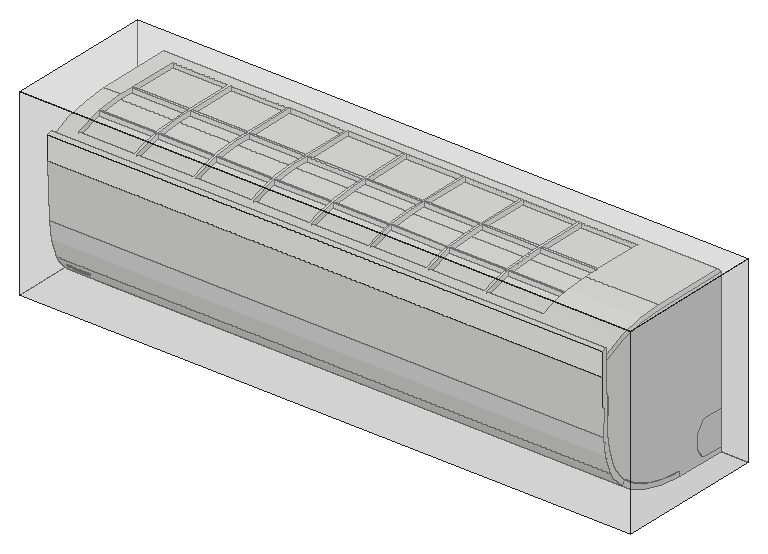
Revit family "outputfile", category 機械設備, Revit 2024
Family settings
  丸型コネクタ寸法 = 半径を使用
  パーツ タイプ = 標準
  OmniClass 番号 = 23.75.10.24.21.27.27
  OmniClass タイトル = Split System Air Conditioning Units
  作業面ベース = いいえ
  常に垂直 = はい
  ロード時にボイドで切り取り = いいえ
  注釈の向きを維持 = いいえ
  共有 = いいえ
  部屋計算ポイント = いいえ
Parameters (values of type "FTKF60TVMA")
  Description = ""
  書き出し IFC クラス(タイプ) = "IfcUnitaryEquipmentType"
  定義済み IFC タイプ(タイプ) = "AIRCONDITIONINGUNIT"
  Cost = 0
  Type Comments = ""
  Keynote = ""
  Type Image = (empty or 0)
  Assembly Code = ""
  w_wall hole = if(Width = 770.0 mm, 48.0 mm, 60.0 mm)  # 60.0 mm
  製造元 = "Daikin"
  モデル = "FTKF60TVMA"
  switch_frequency = yes
  r_Liquid Pipe Size = Liquid Pipe Size / 2  # 3.2 mm
  r_Gas Pipe Size = Gas Pipe Size / 2  # 6.35 mm
  r_Drain Pipe Size = Drain Pipe Size / 2  # 8.0 mm
  lw_powersupply [instance] = if(Width = 770.0 mm, if(or(Rear Right Connection_refrigerant, Bottom Right Connection_refrigerant), 25.0 mm, if(or(Rear Left Connection_refrigerant, Bottom Left Connection_refrigerant), 745.0 mm, 400.0 mm)), if(Width = 990.0 mm, if(or(Rear Right Connection_refrigerant, Bottom Right Connection_refrigerant), 40.0 mm, if(or(Rear Left Connection_refrigerant, Bottom Left Connection_refrigerant), 920.0 mm, 400.0 mm)), if(or(Rear Right Connection_refrigerant, Bottom Right Connection_refrigerant), 40.0 mm, if(or(Rear Left Connection_refrigerant, Bottom Left Connection_refrigerant), 920.0 mm, 400.0 mm))))  # 400.0 mm
  lw_liquidpipe [instance] = if(Width = 770.0 mm, if(or(Rear Right Connection_refrigerant, Bottom Right Connection_refrigerant), 0.0 mm, if(or(Rear Left Connection_refrigerant, Bottom Left Connection_refrigerant), 664.0 mm, 385.0 mm)), if(Width = 990.0 mm, if(or(Rear Right Connection_refrigerant, Bottom Right Connection_refrigerant), 0.0 mm, if(or(Rear Left Connection_refrigerant, Bottom Left Connection_refrigerant), 664.0 mm + (990.0 mm - 770.0 mm), 475.0 mm)), if(or(Rear Right Connection_refrigerant, Bottom Right Connection_refrigerant), 0.0 mm, if(or(Rear Left Connection_refrigerant, Bottom Left Connection_refrigerant), 664.0 mm + (990.0 mm - 770.0 mm), 475.0 mm))))  # 475.0 mm
  lw_gaspipe [instance] = if(Width = 770.0 mm, if(or(Rear Right Connection_refrigerant, Bottom Right Connection_refrigerant), 0.0 mm, if(or(Rear Left Connection_refrigerant, Bottom Left Connection_refrigerant), 675.0 mm, if(Gas Pipe Size = 12.7 mm, 345.0 mm, 335.0 mm))), if(Width = 990.0 mm, if(or(Rear Right Connection_refrigerant, Bottom Right Connection_refrigerant), 10.0 mm, if(or(Rear Left Connection_refrigerant, Bottom Left Connection_refrigerant), 890.0 mm, if(Gas Pipe Size = 15.9 mm, 400.0 mm, 400.0 mm))), if(or(Rear Right Connection_refrigerant, Bottom Right Connection_refrigerant), 10.0 mm, if(or(Rear Left Connection_refrigerant, Bottom Left Connection_refrigerant), 890.0 mm, if(Gas Pipe Size = 15.9 mm, 400.0 mm, 400.0 mm)))))  # 400.0 mm
  lw_drainpipe [instance] = if(Width = 770.0 mm, if(or(Rear Right Connection_refrigerant, Bottom Right Connection_refrigerant), 0.0 mm, if(or(Rear Left Connection_refrigerant, Bottom Left Connection_refrigerant), 770.0 mm - 48.0 mm - 48.0 mm, 440.0 mm)), if(Width = 990.0 mm, if(or(Rear Right Connection_refrigerant, Bottom Right Connection_refrigerant), 0.0 mm, if(or(Rear Left Connection_refrigerant, Bottom Left Connection_refrigerant), 675.0 mm + (990.0 mm - 770.0 mm), 435.0 mm)), if(or(Rear Right Connection_refrigerant, Bottom Right Connection_refrigerant), 0.0 mm, if(or(Rear Left Connection_refrigerant, Bottom Left Connection_refrigerant), 675.0 mm + (990.0 mm - 770.0 mm), 435.0 mm))))  # 435.0 mm
  l_powersupply_length [instance] = if(Width = 770.0 mm, if(Right Connection_refrigerant, 400.0 mm, if(Left Connection_refrigerant, 770.0 mm - 400.0 mm, if(or(Rear Left Connection_refrigerant, Rear Right Connection_refrigerant), 15.0 mm, 50.0 mm))), if(Width = 990.0 mm, if(Right Connection_refrigerant, 400.0 mm, if(Left Connection_refrigerant, 990.0 mm - 400.0 mm, if(or(Rear Left Connection_refrigerant, Rear Right Connection_refrigerant), 15.0 mm, 50.0 mm))), if(Right Connection_refrigerant, 400.0 mm, if(Left Connection_refrigerant, 990.0 mm - 400.0 mm, if(or(Rear Left Connection_refrigerant, Rear Right Connection_refrigerant), 15.0 mm, 50.0 mm)))))  # 400.0 mm
  l_liquidpipe_length [instance] = if(Width = 770.0 mm, if(Right Connection_refrigerant, 433.0 mm, if(Left Connection_refrigerant, 337.0 mm, if(or(Rear Left Connection_refrigerant, Rear Right Connection_refrigerant), 30.0 mm, 40.0 mm))), if(Width = 990.0 mm, if(Right Connection_refrigerant, 535.0 mm, if(Left Connection_refrigerant, 455.0 mm, if(or(Rear Left Connection_refrigerant, Rear Right Connection_refrigerant), 30.0 mm, 40.0 mm))), if(Right Connection_refrigerant, 535.0 mm, if(Left Connection_refrigerant, 455.0 mm, if(or(Rear Left Connection_refrigerant, Rear Right Connection_refrigerant), 30.0 mm, 40.0 mm)))))  # 535.0 mm
  l_gaspipe_length [instance] = if(Width = 770.0 mm, if(Right Connection_refrigerant, if(Gas Pipe Size = 12.7 mm, 393.0 mm, 383.0 mm), if(Left Connection_refrigerant, if(Gas Pipe Size = 12.7 mm, 770.0 mm - 393.0 mm, 770.0 mm - 383.0 mm), if(or(Rear Left Connection_refrigerant, Rear Right Connection_refrigerant), 40.0 mm, 50.0 mm))), if(Width = 990.0 mm, if(Right Connection_refrigerant, if(Gas Pipe Size = 15.9 mm, 460.0 mm, 460.0 mm), if(Left Connection_refrigerant, if(Gas Pipe Size = 15.9 mm, 990.0 mm - 460.0 mm, 990.0 mm - 460.0 mm), if(or(Rear Left Connection_refrigerant, Rear Right Connection_refrigerant), 40.0 mm, 50.0 mm))), if(Right Connection_refrigerant, if(Gas Pipe Size = 15.9 mm, 460.0 mm, 460.0 mm), if(Left Connection_refrigerant, if(Gas Pipe Size = 15.9 mm, 990.0 mm - 460.0 mm, 990.0 mm - 460.0 mm), if(or(Rear Left Connection_refrigerant, Rear Right Connection_refrigerant), 40.0 mm, 50.0 mm)))))  # 460.0 mm
  l_drainpipe_length [instance] = if(Width = 770.0 mm, if(Right Connection_refrigerant, 488.0 mm, if(Left Connection_refrigerant, 282.0 mm, if(or(Rear Left Connection_refrigerant, Rear Right Connection_refrigerant), 15.0 mm, 20.0 mm))), if(Width = 990.0 mm, if(Right Connection_refrigerant, 495.0 mm, if(Left Connection_refrigerant, 495.0 mm, if(or(Rear Left Connection_refrigerant, Rear Right Connection_refrigerant), 15.0 mm, 20.0 mm))), if(Right Connection_refrigerant, 495.0 mm, if(Left Connection_refrigerant, 495.0 mm, if(or(Rear Left Connection_refrigerant, Rear Right Connection_refrigerant), 15.0 mm, 20.0 mm)))))  # 495.0 mm
  h*** = 0.0 mm  # constant formula
  connector_voltage = Voltage_50Hz  # 230 V
  connector_powerinput = [Power Input (Cooling)]  # 0.000 kW
  connector_phase = Phase_50Hz  # 1
  angle_vertical [instance] = if(or(Bottom Left Connection_refrigerant, Bottom Right Connection_refrigerant), 0.00°, 90.00°)  # 90.00°
  angle_horizontal [instance] = if(Right Connection_refrigerant, 90.00°, if(Left Connection_refrigerant, -90.00°, if(or(Rear Left Connection_refrigerant, Rear Right Connection_refrigerant), 180.00°, 0.00°)))  # 90.00°
  Width = 990.0 mm
  Voltage_comment_50Hz = "220 - 240"
  Voltage_50Hz = 230 V
  Version = "ver.1.0"
  Unit Type = "Wall Mounted"
  Unit Mass Weight = 13.00 kg
  Unit Designation [instance] = ""
  Uniclass2015Version = "Products v1.30"
  Uniclass2015Title = "Split coil room air conditioning units"
  Uniclass2015Code = "Pr_70_65_03_86"
  URL = ""
  Total Cooling Capacity [instance] = 0.000 kW
  Sound Pressure Level_M speed (dBA) = 41
  Sound Pressure Level_L speed (dBA) = 35
  Sound Pressure Level_H speed (dBA) = 46
  Sound Power Level_H speed (dB) = 0
  Series = "Single Split_Fan Coil Unit"
  Sensible Cooling Capacity [instance] = 0.000 kW
  Refrigerant Type = "R32"
  Power Input (Cooling) = 0.000 kW
  Phase_50Hz = 1
  Option Accessory 3 [instance] = ""
  Option Accessory 2 [instance] = ""
  Option Accessory 1 [instance] = ""
  Nominal Cooling Capacity = 6.000 kW
  Minimum Circuit Amps_50Hz = 0.0 A
  Minimum Airflow = 732.00 m³/h
  Median Airflow = 930.00 m³/h
  Maximum Fuse Amps_50Hz = 0.0 A
  Maximum Airflow = 1130.00 m³/h
  Material_Casing = DAIKIN_PureWhite_Casing_indoorunit
  Load Classification = HVAC
  Liquid Pipe Size = 6.4 mm
  Link_Nested Family [instance] = ""
  IfcVersion = ""
  IfcExportType = "AIRCONDITIONINGUNIT"
  IfcExportAs = "IfcUnitaryEquipmentType"
  Height = 295.0 mm
  Heat Exchanger Type = "Cross Fin Coil"
  Gas Pipe Size = 12.7 mm
  Frequency_50Hz = 50 Hz
  Fan Type = "Cross Flow Fan"
  Fan Drive = "Direct Drive"
  FCU Tag No. [instance] = ""
  Drain Pipe Size = 16.0 mm
  Design Supply Airflow [instance] = 0.00 m³/h
  Depth = 263.0 mm
  既定の高さ = 0.0 mm
  Cooling Entering Wet Bulb Temperature [instance] = 0.00 °C
  Cooling Entering Dry Bulb Temperature [instance] = 0.00 °C
  Cooling Ambient Wet Bulb Temperature [instance] = 0.00 °C
  Cooling Ambient Dry Bulb Temperature [instance] = 0.00 °C
  Clearance visibility [instance] = yes
  Clearance Top = 30.0 mm
  Clearance Right = 50.0 mm
  Clearance Rear = 0.0 mm
  Clearance Left = 50.0 mm
  Clearance Front = 0.0 mm
  Clearance Bottom = 0.0 mm
  Bottom Right Connection_refrigerant [instance] = no
  Bottom Left Connection_refrigerant [instance] = no
  Rear Right Connection_refrigerant [instance] = no
  Rear Left Connection_refrigerant [instance] = no
  Right Connection_refrigerant [instance] = yes
  Left Connection_refrigerant [instance] = no
Reference planes
  plane 1 "Back": y = 0
  plane 2: z = 0
  plane 3 "Center (Left/Right)": x = 0
  plane 4 "Center (Front/Back)": y = -131.5
  plane 5 "Front": y = -263
  plane 6 "Left": x = -495
  plane 7 "Right": x = 495
  plane 8 "Top": z = 0
  plane 9 "Bottom": z = -295
  plane 10: x = -545
  plane 11: x = 545
  plane 12: y = 0
  plane 13: y = -263
  plane 14: z = 30
  plane 15: z = -295
  plane 16 "lw_Piping and Wiring intake": x = 435
  plane 17 "lw_gaspipe": x = 35
  plane 18 "lw_liquidpipe": x = -40
  plane 19 "lw_drainpipe": x = 0
  plane 20 "lh_drainpipe": z = -275
  plane 21 "lh_liquidpipe": z = -255
  plane 22 "lh_gaspipe": z = -245
  plane 23 "ld_drainpipe": y = -15
  plane 24 "ld_liquidpipe": y = -30
  plane 25 "ld_gaspipe": y = -40
  plane 26 "lw_powersupply": x = 95
Dimensions and locks
  equal spacing: plane 6 "Left", plane 3 "Center (Left/Right)", plane 7 "Right"
  "Width": plane 6 "Left" to plane 7 "Right"
  equal spacing: plane 5 "Front", plane 4 "Center (Front/Back)", plane 1 "Back"
  "Depth": plane 5 "Front" to plane 1 "Back"
  "Height": plane 8 "Top" to plane 9 "Bottom"
  "Clearance Rear": plane 12 to plane 1 "Back"
  "Clearance Front": plane 13 to plane 5 "Front"
  "Clearance Top": plane 14 to plane 8 "Top"
  "Clearance Bottom": plane 9 "Bottom" to plane 15
  "w_wall hole": plane 16 "lw_Piping and Wiring intake" to plane 7 "Right"
  "lw_gaspipe": plane 17 "lw_gaspipe" to plane 16 "lw_Piping and Wiring intake"
  "lw_liquidpipe": plane 18 "lw_liquidpipe" to plane 16 "lw_Piping and Wiring intake"
  "lw_drainpipe": plane 19 "lw_drainpipe" to plane 16 "lw_Piping and Wiring intake"
  locked: plane 20 "lh_drainpipe" to plane 9 "Bottom" at 20
  locked: plane 21 "lh_liquidpipe" to plane 9 "Bottom" at 40
  locked: plane 22 "lh_gaspipe" to plane 9 "Bottom" at 50
  locked: plane 23 "ld_drainpipe" to plane 1 "Back" at 15
  locked: plane 1 "Back" to plane 24 "ld_liquidpipe" at 30
  locked: plane 1 "Back" to plane 25 "ld_gaspipe" at 40
  "lw_powersupply": plane 26 "lw_powersupply" to plane 7 "Right"
  "Clearance Left": plane 10 to plane 6 "Left"
  "Clearance Right": plane 7 "Right" to plane 11
  aligned and locked: level to plane 2
  aligned and locked: plane 12 to nested 1
  aligned and locked: nested 1 to plane 13
  aligned and locked: plane 10 to nested 1
  aligned and locked: plane 11 to nested 1
  aligned and locked: plane 15 to nested 1
  aligned and locked: plane 14 to nested 1
  aligned and locked: plane 17 "lw_gaspipe" to nested 2
  aligned and locked: nested 2 to plane 25 "ld_gaspipe"
  aligned and locked: plane 18 "lw_liquidpipe" to nested 3
  aligned and locked: nested 3 to plane 24 "ld_liquidpipe"
  aligned and locked: plane 19 "lw_drainpipe" to nested 4
  aligned and locked: nested 4 to plane 23 "ld_drainpipe"
  aligned and locked: nested 5 to plane 23 "ld_drainpipe"
  aligned and locked: plane 26 "lw_powersupply" to nested 5
  aligned and locked: level to plane 8 "Top"
  aligned and locked: plane 3 "Center (Left/Right)" to nested 6
  aligned and locked: plane 1 "Back" to nested 6
  aligned and locked: plane 8 "Top" to nested 6
Nested families
  nested 1: "daikin_clearancespace" at (0, -131.5, -132.381), show <- "Clearance visibility", visible <- "Clearance visibility", Link_Nested Family <- "Link_Nested Family", type "daikin_clearancespace"
    with width 1090.0 mm, show yes, height 325.0 mm, depth 263.0 mm, Link_Nested Family ""
  nested 2: "daikin_connector_rotate3" at (35, -40, -245), angle_vertical <- "angle_vertical", angle_horizontal <- "angle_horizontal", length <- "l_gaspipe_length", radius <- "r_Gas Pipe Size", type "daikin_connector_rotate3"
    with show no, radius 6.35 mm, length 460.0 mm, angle_vertical 90.00°, angle_horizontal 90.00°
  nested 3: "daikin_connector_rotate3" at (-40, -30, -255), angle_vertical <- "angle_vertical", angle_horizontal <- "angle_horizontal", radius <- "r_Liquid Pipe Size", length <- "l_liquidpipe_length", type "daikin_connector_rotate3"
    with show no, radius 3.2 mm, length 535.0 mm, angle_vertical 90.00°, angle_horizontal 90.00°
  nested 4: "daikin_connector_rotate3" at (0, -15, -275), angle_vertical <- "angle_vertical", angle_horizontal <- "angle_horizontal", length <- "l_drainpipe_length", radius <- "r_Drain Pipe Size", type "daikin_connector_rotate3"
    with show no, radius 8.0 mm, length 495.0 mm, angle_vertical 90.00°, angle_horizontal 90.00°
  nested 5: "daikin_connector_rotate3" at (95, -15, -245), angle_vertical <- "angle_vertical", angle_horizontal <- "angle_horizontal", length <- "l_powersupply_length", type "daikin_connector_rotate3"
    with show no, radius 10.0 mm, length 400.0 mm, angle_vertical 90.00°, angle_horizontal 90.00°
  nested 6: "DAIKIN_indoorunit_FTKF-TVMA" at (-31, 0, 0), type "FTKF-TVMA"
    with switch_unit1_60-71 yes, switch_unit1_20-50 no, Width 990.0 mm, WALL HOLE-R 60.0 mm, WALL HOLE Size 80.0 mm, Height 295.0 mm
Connectors
  piping at (495, -40, -245), diameter 12.7, driven by "r_Gas Pipe Size"
    settings: on nested 2, index 1, connector inside diameter 609.6 mm, connector length 0.0 mm, flow factor 0, pipe flow 0.00 m³/h, pressure drop 0.0 Pa, fitting loss kfactor 0, connector angle 0.00°, fixture units 0, engagement length 0.0 mm, angle of deflection 0.00°, flow configuration 1, flow direction 2, fitting loss method 0, system type 29, joint type 0, gender type 0, connector reference index -1, connector utility 0, adjustable connector no, is connector primary yes, connector description "Refrigerant Gas Piping"
  piping at (495, -30, -255), diameter 6.4, driven by "r_Liquid Pipe Size"
    settings: on nested 3, index 2, connector inside diameter 609.6 mm, connector length 0.0 mm, flow factor 0, pipe flow 0.00 m³/h, pressure drop 0.0 Pa, fitting loss kfactor 0, connector angle 0.00°, fixture units 0, engagement length 0.0 mm, angle of deflection 0.00°, flow configuration 1, flow direction 1, fitting loss method 0, system type 29, joint type 0, gender type 0, connector reference index -1, connector utility 0, adjustable connector no, is connector primary no, connector description "Refrigerant Liquid Piping"
  piping at (495, -15, -275), diameter 16, driven by "r_Drain Pipe Size"
    settings: on nested 4, index 3, connector inside diameter 609.6 mm, connector length 0.0 mm, flow factor 0, pipe flow 0.00 m³/h, pressure drop 0.0 Pa, fitting loss kfactor 0, connector angle 0.00°, fixture units 0, engagement length 0.0 mm, angle of deflection 0.00°, flow configuration 1, flow direction 2, fitting loss method 4, system type 16, joint type 0, gender type 0, connector reference index -1, connector utility 0, adjustable connector no, is connector primary no, connector description "Condensate Drain Piping"
  electrical at (495, -15, -245), driven by "Load Classification", driven by "connector_voltage", driven by "connector_phase", driven by "connector_powerinput"
    settings: on nested 5, index 4, voltage 230 V, apparent load 0 VA, apparent load phase1 0 VA, apparent load phase2 0 VA, apparent load phase3 0 VA, power factor 1, load classification "HVAC", number of poles 1, system type 30, power factor state 1, is connector primary yes, connector utility no, sub classification motor no, connector description "Power Supply"
Definition of nested family "daikin_clearancespace"
  Parameters (values of type "daikin_clearancespace")
    Description = "daikin_clearancespace"
    width [instance] = 1823.963 mm
    show [instance] = yes
    material = none
    height [instance] = 1359.762 mm
    depth [instance] = 880.0 mm
    Default Elevation = 0.0 mm
    Link_Nested Family [instance] = ""
  Reference planes
    plane 1 "Center (Front/Back)": y = 0
    plane 2 "Center (Elevation)": z = -0.119
    plane 3 "Center (Left/Right)": x = 0
    plane 4: y = 440
    plane 5: y = -440
    plane 6 "Right": x = 911.982
    plane 7 "Left": x = -911.982
    plane 8 "Top": z = 679.762
    plane 9 "Bottom": z = -680
  Forms (mm)
    Extrusion 1, solid, material <- "material", visible <- "show"
      sketch origin (0, 0, 0) x (1, 0, 0) y (0, 1, 0)
        loop
          line (-911.982, 440) -> (-911.982, -440) -> (911.982, -440) -> (911.982, 440) -> (-911.982, 440)
      from -680 to 679.762
  Lines and regions (mm)
    symbolic lines, visible <- "show"
      curve 1: line (911.982, 440, 0) -> (-911.982, 440, 0)
      curve 2: line (-911.982, 440, 0) -> (-911.982, -440, 0)
      curve 3: line (-911.982, -440, 0) -> (911.982, -440, 0)
      curve 4: line (911.982, -440, 0) -> (911.982, 440, 0)
      curve 5: line (911.982, 0, 679.762) -> (-911.982, 0, 679.762)
      curve 6: line (911.982, 0, -680) -> (911.982, 0, 679.762)
      curve 7: line (-911.982, 0, -680) -> (911.982, 0, -680)
      curve 8: line (-911.982, 0, 679.762) -> (-911.982, 0, -680)
      curve 9: line (0, 440, 679.762) -> (0, -440, 679.762)
      curve 10: line (0, -440, 679.762) -> (0, -440, -680)
      curve 11: line (0, 440, -680) -> (0, 440, 679.762)
      curve 12: line (0, -440, -680) -> (0, 440, -680)
  Dimensions and locks
    "width": plane 7 "Left" to plane 6 "Right"
    "depth": plane 4 to plane 5
    "height": plane 8 "Top" to plane 9 "Bottom"
    equal spacing: plane 7 "Left", plane 3 "Center (Left/Right)", plane 6 "Right"
    equal spacing: plane 4, plane 1 "Center (Front/Back)", plane 5
    equal spacing: plane 8 "Top", plane 2 "Center (Elevation)", plane 9 "Bottom"
    aligned and locked: level to plane 2 "Center (Elevation)"
    aligned and locked: Extrusion 1 sketch curve to plane 4
    aligned and locked: plane 7 "Left" to Extrusion 1 sketch curve
    aligned and locked: Extrusion 1 sketch curve to plane 5
    aligned and locked: Extrusion 1 sketch curve to plane 6 "Right"
    aligned and locked: plane 8 "Top" to Extrusion 1
    aligned and locked: curve 1 to Extrusion 1
    aligned and locked: curve 2 to Extrusion 1
    aligned and locked: curve 3 to Extrusion 1
    aligned and locked: curve 4 to Extrusion 1
    aligned and locked: curve 5 to Extrusion 1
    aligned and locked: curve 6 to Extrusion 1
    aligned and locked: curve 7 to Extrusion 1
    aligned and locked: curve 8 to Extrusion 1
    aligned and locked: curve 9 to Extrusion 1
    aligned and locked: curve 10 to Extrusion 1
    aligned and locked: curve 11 to Extrusion 1
    aligned and locked: curve 12 to Extrusion 1
    aligned and locked: Extrusion 1 to plane 9 "Bottom"
Definition of nested family "DAIKIN_indoorunit_FTKF-TVMA"
  Parameters (values of type "FTKF-TVMA")
    switch_unit1_60-71 = Width = 990.0 mm  # no
    switch_unit1_20-50 = Width = 770.0 mm  # yes
    Width = 770.0 mm
    WALL HOLE-R = if(Width = 770.0 mm, 48.0 mm, 60.0 mm)  # 48.0 mm
    WALL HOLE Size = if(Width = 770.0 mm, 65.0 mm, 80.0 mm)  # 65.0 mm
    Material_Casing = none
    Height = if(Width = 770.0 mm, 285.0 mm, 295.0 mm)  # 285.0 mm
    Default Elevation = 0.0 mm
  Reference planes
    plane 1 "Center (Front/Back)": y = 0
    plane 2 "reference_level": z = 0
    plane 3 "Center (Left/Right)": x = 31
    plane 4: x = -354
    plane 5: x = 416
    plane 6: z = -285
  Forms (mm)
    Extrusion 1, solid, material <- "Material_Casing", visible <- "switch_unit1_20-50"
      sketch origin (29, 0, 0) x (0, 1, 0) y (0, 0, 1)
        loop
          line (-5, 0) -> (-98, 0)
          arc (-98, 0) -> (-157.611, -7.211) -> (-213.783, -28.427) r 250
          arc (-213.783, -28.427) -> (-213.842, -32.972) -> (-213.892, -37.516) r 2191
          arc (-213.892, -37.516) -> (-157.832, -15.495) -> (-98.07, -8) r 242
          line (-98.07, -8) -> (0, -8) -> (-5, 0)
      from -383 to 387
    Extrusion 2, solid, material <- "Material_Casing", visible <- "switch_unit1_20-50"
      sketch origin (416, 1296.25, 1200) x (0, 1, 0) y (0, 0, 1)
        loop
          line (-1472.998, -1446.91) -> (-1476.998, -1453.839)
          arc (-1476.998, -1453.839) -> (-1437.481, -1472.422) -> (-1395.25, -1483.538) r 240
          line (-1395.25, -1483.538) -> (-1395.25, -1475.422)
          arc (-1395.25, -1475.422) -> (-1435.407, -1464.663) -> (-1472.998, -1446.91) r 232
      from 0 to -47.5
    Extrusion 3, solid, material <- "Material_Casing", visible <- "switch_unit1_20-50"
      sketch origin (29, 0, 0) x (0, 1, 0) y (0, 0, 1)
        loop
          arc (-223, -60.455) -> (-222.414, -110.646) -> (-220.656, -160.81) r 2149.92
          arc (-220.656, -160.81) -> (-219.65, -174.299) -> (-217.853, -187.706) r 229.911
          arc (-217.853, -187.706) -> (-205.371, -223.594) -> (-181.517, -253.17) r 111
          line (-181.517, -253.17) -> (-177.429, -246.093)
          arc (-177.429, -246.093) -> (-198.77, -218.989) -> (-209.965, -186.36) r 103
          arc (-209.965, -186.36) -> (-211.681, -173.586) -> (-212.651, -160.735) r 221.844
          arc (-212.651, -160.735) -> (-214.739, -93.233) -> (-214.74, -25.699) r 2186.828
          arc (-214.74, -25.699) -> (-214.671, -21.467) -> (-214.594, -17.235) r 2192
          line (-214.594, -17.235) -> (-223, -19.961) -> (-223, -60.455)
      from -383 to 387
    Extrusion 4, solid, material <- "Material_Casing", visible <- "switch_unit1_20-50"
      sketch origin (29, 0, -20) x (0, 1, 0) y (0, 0, 1)
        loop
          line (0, -265) -> (0, 12) -> (-98.07, 12)
          arc (-98.07, 12) -> (-157.832, 4.505) -> (-213.892, -17.516) r 242
          arc (-213.892, -17.516) -> (-213.638, -79.114) -> (-211.653, -140.681) r 2191
          arc (-211.653, -140.681) -> (-210.685, -153.501) -> (-208.973, -166.243) r 221
          arc (-208.973, -166.243) -> (-197.471, -199.282) -> (-175.482, -226.491) r 102
          arc (-175.482, -226.491) -> (-138.004, -244.019) -> (-98, -254.579) r 231
          line (-98, -254.579) -> (-98, -265) -> (0, -265)
      from -383 to 387
    Extrusion 5, solid, material <- "Material_Casing", visible <- "switch_unit1_20-50"
      sketch origin (-354, 1296.25, 1200) x (0, 1, 0) y (0, 0, 1)
        loop
          line (-1472.998, -1446.91) -> (-1476.998, -1453.839)
          arc (-1476.998, -1453.839) -> (-1437.481, -1472.422) -> (-1395.25, -1483.538) r 240
          line (-1395.25, -1483.538) -> (-1395.25, -1475.422)
          arc (-1395.25, -1475.422) -> (-1435.407, -1464.663) -> (-1472.998, -1446.91) r 232
      from 47 to 0
    Extrusion 6, solid, material <- "Material_Casing", visible <- "switch_unit1_20-50"
      sketch origin (416, 1296.25, 1200) x (0, 1, 0) y (0, 0, 1)
        loop
          line (-1472.998, -1446.91) -> (-1476.998, -1453.839)
          arc (-1476.998, -1453.839) -> (-1443.437, -1470.168) -> (-1407.75, -1481.097) r 240
          line (-1407.75, -1481.097) -> (-1407.75, -1472.894)
          arc (-1407.75, -1472.894) -> (-1441.363, -1462.385) -> (-1472.998, -1446.91) r 232
      from -116.993 to -48.493
    Extrusion 7, solid, material <- "Material_Casing", visible <- "switch_unit1_20-50"
      sketch origin (416, 1296.25, 1200) x (0, 1, 0) y (0, 0, 1)
        loop
          line (-1472.998, -1446.91) -> (-1476.998, -1453.839)
          arc (-1476.998, -1453.839) -> (-1443.437, -1470.168) -> (-1407.75, -1481.097) r 240
          line (-1407.75, -1481.097) -> (-1407.75, -1472.894)
          arc (-1407.75, -1472.894) -> (-1441.363, -1462.385) -> (-1472.998, -1446.91) r 232
      from -717 to -121.993
    Extrusion 8, void
      sketch origin (31, 0, -235) x (1, 0, 0) y (0, 1, 0)
        loop
          line (-252.674, -22.316) -> (-354.941, -22.316) -> (-354.941, -91.341) -> (-252.674, -91.341) -> (-252.674, -22.316)
        loop
          line (-249.341, -91.341) -> (-151.574, -91.341) -> (-151.574, -22.316) -> (-249.341, -22.316) -> (-249.341, -91.341)
        loop
          line (58.309, -22.316) -> (-148.309, -22.316) -> (-148.309, -91.341) -> (58.309, -91.341) -> (58.309, -22.316)
        loop
          line (61.689, -22.316) -> (61.689, -91.341) -> (159.457, -91.341) -> (159.457, -22.316) -> (61.689, -22.316)
        loop
          line (162.789, -22.316) -> (162.789, -91.341) -> (265.057, -91.341) -> (265.057, -22.316) -> (162.789, -22.316)
        loop
          line (-354.941, -94.659) -> (-354.941, -165.259) -> (-252.674, -165.259) -> (-252.674, -94.659) -> (-354.941, -94.659)
        loop
          line (-249.341, -94.659) -> (-249.341, -165.259) -> (-151.574, -165.259) -> (-151.574, -94.659) -> (-249.341, -94.659)
        loop
          line (-148.309, -94.659) -> (-148.309, -165.259) -> (58.309, -165.259) -> (58.309, -94.659) -> (-148.309, -94.659)
        loop
          line (61.689, -94.659) -> (61.689, -165.259) -> (159.457, -165.259) -> (159.457, -94.659) -> (61.689, -94.659)
        loop
          line (162.789, -94.659) -> (162.789, -165.259) -> (265.057, -165.259) -> (265.057, -94.659) -> (162.789, -94.659)
        loop
          line (-354.941, -167.382) -> (-354.941, -192.681) -> (-252.674, -192.681) -> (-252.674, -167.382) -> (-354.941, -167.382)
        loop
          line (-249.341, -167.382) -> (-249.341, -192.681) -> (-151.574, -192.681) -> (-151.574, -167.382) -> (-249.341, -167.382)
        loop
          line (-148.309, -167.382) -> (-148.309, -192.681) -> (58.309, -192.681) -> (58.309, -167.382) -> (-148.309, -167.382)
        loop
          line (159.457, -167.382) -> (61.689, -167.382) -> (61.689, -192.681) -> (159.457, -192.681) -> (159.457, -167.382)
        loop
          line (265.057, -167.382) -> (162.789, -167.382) -> (162.789, -192.681) -> (265.057, -192.681) -> (265.057, -167.382)
      from 201.638 to 250
    Extrusion 9, solid, material <- "Material_Casing"
      sketch origin (31, 0, 0) x (1, 0, 0) y (0, 0, 1)
        loop
          circle (337, -240.5) r 32.5
        loop
          circle (-337, -240.5) r 32.5
      from 0 to 5
    Extrusion 10, solid, material <- "Material_Casing", visible <- "switch_unit1_20-50"
      sketch origin (416, 1296.25, 1200) x (0, -1, 0) y (0, 0, 1)
        loop
          line (1326.25, -1417) -> (1296.25, -1417) -> (1296.25, -1477) -> (1326.25, -1477)
          arc (1326.25, -1477) -> (1340.393, -1471.142) -> (1346.25, -1457) r 20
          line (1346.25, -1457) -> (1346.25, -1437)
          arc (1346.25, -1437) -> (1340.393, -1422.858) -> (1326.25, -1417) r 20
      from 0 to 5
    Extrusion 11, solid, material <- "Material_Casing", visible <- "switch_unit1_20-50"
      sketch origin (-354, 1296.25, 1200) x (0, 1, 0) y (0, 0, 1)
        loop
          line (-1296.25, -1417) -> (-1326.25, -1417)
          arc (-1326.25, -1417) -> (-1340.393, -1422.858) -> (-1346.25, -1437) r 20
          line (-1346.25, -1437) -> (-1346.25, -1457)
          arc (-1346.25, -1457) -> (-1340.393, -1471.142) -> (-1326.25, -1477) r 20
          line (-1326.25, -1477) -> (-1296.25, -1477) -> (-1296.25, -1417)
      from 0 to 5
    Extrusion 12, solid, material <- "Material_Casing", visible <- "switch_unit1_20-50"
      sketch origin (31, 0, -285) x (-1, 0, 0) y (0, -1, 0)
        loop
          line (-314, 0) -> (-314, 30)
          arc (-314, 30) -> (-319.858, 44.142) -> (-334, 50) r 20
          line (-334, 50) -> (-354, 50)
          arc (-354, 50) -> (-368.142, 44.142) -> (-374, 30) r 20
          line (-374, 30) -> (-374, 0) -> (-314, 0)
        loop
          line (374, 0) -> (374, 30)
          arc (374, 30) -> (368.142, 44.142) -> (354, 50) r 20
          line (354, 50) -> (334, 50)
          arc (334, 50) -> (319.858, 44.142) -> (314, 30) r 20
          line (314, 30) -> (314, 0) -> (374, 0)
      from 0 to 5
    Extrusion 13, solid, material <- "Material_Casing", visible <- "switch_unit1_60-71"
      sketch origin (31, 0, 0) x (0, 1, 0) y (0, 0, 1)
        loop
          line (-5, 0) -> (-138, 0)
          arc (-138, 0) -> (-197.611, -7.211) -> (-253.783, -28.427) r 250
          arc (-253.783, -28.427) -> (-253.838, -32.687) -> (-253.886, -36.946) r 2191
          arc (-253.886, -36.946) -> (-197.73, -15.346) -> (-138.014, -8) r 246.393
          line (-138.014, -8) -> (0, -8) -> (-5, 0)
      from -495 to 495
    Extrusion 14, solid, material <- "Material_Casing", visible <- "switch_unit1_60-71"
      sketch origin (418, 1296.25, 1200) x (0, 1, 0) y (0, 0, 1)
        loop
          arc (-1515.208, -1454.149) -> (-1506.856, -1460.599) -> (-1497.925, -1466.219) r 110
          arc (-1497.925, -1466.219) -> (-1445.718, -1487.493) -> (-1389.844, -1494.995) r 223
          line (-1389.844, -1494.995) -> (-1389.844, -1486.086) -> (-1404.386, -1486.086)
          arc (-1404.386, -1486.086) -> (-1449.542, -1477.46) -> (-1491.818, -1459.402) r 214.289
          arc (-1491.818, -1459.402) -> (-1501.056, -1453.541) -> (-1509.606, -1446.715) r 101
          line (-1509.606, -1446.715) -> (-1515.208, -1454.149)
      from 108 to 57.5
    Extrusion 15, solid, material <- "Material_Casing", visible <- "switch_unit1_60-71"
      sketch origin (31, 0, 0) x (0, 1, 0) y (0, 0, 1)
        loop
          line (-263, -19.962) -> (-263, -61.6)
          arc (-263, -61.6) -> (-262.414, -110.219) -> (-260.656, -158.81) r 2017.341
          arc (-260.656, -158.81) -> (-255.648, -191.935) -> (-244.041, -223.362) r 164.725
          arc (-244.041, -223.362) -> (-233.569, -239.793) -> (-219.717, -253.495) r 87.379
          line (-219.717, -253.495) -> (-214.706, -246.846)
          arc (-214.706, -246.846) -> (-229.564, -230.029) -> (-240.385, -210.371) r 102
          arc (-240.385, -210.371) -> (-249.049, -182.962) -> (-252.848, -154.467) r 165.789
          arc (-252.848, -154.467) -> (-254.771, -90.102) -> (-254.74, -25.708) r 2122.533
          arc (-254.74, -25.708) -> (-254.671, -21.469) -> (-254.594, -17.23) r 2192
          line (-254.594, -17.23) -> (-263, -19.962)
      from -495 to 495
    Extrusion 16, void
      sketch origin (33, 0, 0) x (1, 0, 0) y (0, 1, 0)
        loop
          line (-466.909, -22.316) -> (-466.909, -111.341) -> (-366.303, -111.341) -> (-366.303, -22.316) -> (-466.909, -22.316)
        loop
          line (-362.71, -22.316) -> (-362.71, -111.341) -> (-262.103, -111.341) -> (-262.103, -22.316) -> (-362.71, -22.316)
        loop
          line (-258.51, -22.316) -> (-258.51, -111.341) -> (-157.904, -111.341) -> (-157.904, -22.316) -> (-258.51, -22.316)
        loop
          line (-154.31, -22.316) -> (-154.31, -111.341) -> (-53.704, -111.341) -> (-53.704, -22.316) -> (-154.31, -22.316)
        loop
          line (-50.11, -22.316) -> (-50.11, -111.341) -> (50.496, -111.341) -> (50.496, -22.316) -> (-50.11, -22.316)
        loop
          line (54.089, -22.316) -> (54.089, -111.341) -> (154.696, -111.341) -> (154.696, -22.316) -> (54.089, -22.316)
        loop
          line (158.289, -22.316) -> (158.289, -111.341) -> (258.895, -111.341) -> (258.895, -22.316) -> (158.289, -22.316)
        loop
          line (262.489, -22.316) -> (262.489, -111.341) -> (363.095, -111.341) -> (363.095, -22.316) -> (262.489, -22.316)
        loop
          line (-466.909, -114.459) -> (-466.909, -185.059) -> (-366.303, -185.059) -> (-366.303, -114.459) -> (-466.909, -114.459)
        loop
          line (-362.71, -114.459) -> (-362.71, -185.059) -> (-262.103, -185.059) -> (-262.103, -114.459) -> (-362.71, -114.459)
        loop
          line (-258.51, -114.459) -> (-258.51, -185.059) -> (-157.904, -185.059) -> (-157.904, -114.459) -> (-258.51, -114.459)
        loop
          line (-154.31, -114.459) -> (-154.31, -185.059) -> (-53.704, -185.059) -> (-53.704, -114.459) -> (-154.31, -114.459)
        loop
          line (-50.11, -114.459) -> (-50.11, -185.059) -> (50.496, -185.059) -> (50.496, -114.459) -> (-50.11, -114.459)
        loop
          line (54.089, -114.459) -> (54.089, -185.059) -> (154.696, -185.059) -> (154.696, -114.459) -> (54.089, -114.459)
        loop
          line (158.289, -114.459) -> (158.289, -185.059) -> (258.895, -185.059) -> (258.895, -114.459) -> (158.289, -114.459)
        loop
          line (262.489, -114.459) -> (262.489, -185.059) -> (363.095, -185.059) -> (363.095, -114.459) -> (262.489, -114.459)
        loop
          line (-466.909, -187.382) -> (-466.909, -232.681) -> (-366.303, -232.681) -> (-366.303, -187.382) -> (-466.909, -187.382)
        loop
          line (-362.71, -187.382) -> (-362.71, -232.681) -> (-262.103, -232.681) -> (-262.103, -187.382) -> (-362.71, -187.382)
        loop
          line (-258.51, -187.382) -> (-258.51, -232.681) -> (-157.904, -232.681) -> (-157.904, -187.382) -> (-258.51, -187.382)
        loop
          line (-154.31, -187.382) -> (-154.31, -232.681) -> (-53.704, -232.681) -> (-53.704, -187.382) -> (-154.31, -187.382)
        loop
          line (-50.11, -187.382) -> (-50.11, -232.681) -> (50.496, -232.681) -> (50.496, -187.382) -> (-50.11, -187.382)
        loop
          line (54.089, -187.382) -> (54.089, -232.681) -> (154.696, -232.681) -> (154.696, -187.382) -> (54.089, -187.382)
        loop
          line (158.289, -187.382) -> (158.289, -232.681) -> (258.895, -232.681) -> (258.895, -187.382) -> (158.289, -187.382)
        loop
          line (262.489, -187.382) -> (262.489, -232.681) -> (363.095, -232.681) -> (363.095, -187.382) -> (262.489, -187.382)
      from -40.013 to 47.268
    Extrusion 17, solid, material <- "Material_Casing", visible <- "switch_unit1_60-71"
      sketch origin (-356, 1296.25, 1200) x (0, 1, 0) y (0, 0, -1)
        loop
          line (-1515.208, 1454.149) -> (-1509.606, 1446.715)
          arc (-1509.606, 1446.715) -> (-1501.056, 1453.541) -> (-1491.818, 1459.402) r 101
          arc (-1491.818, 1459.402) -> (-1449.542, 1477.46) -> (-1404.386, 1486.086) r 214.289
          line (-1404.386, 1486.086) -> (-1389.844, 1486.086) -> (-1389.844, 1494.995)
          arc (-1389.844, 1494.995) -> (-1445.718, 1487.493) -> (-1497.925, 1466.219) r 223
          arc (-1497.925, 1466.219) -> (-1506.856, 1460.599) -> (-1515.208, 1454.149) r 110
      from 108 to 61
    Extrusion 18, solid, material <- "Material_Casing", visible <- "switch_unit1_60-71"
      sketch origin (418, 1296.25, 1200) x (0, 1, 0) y (0, 0, 1)
        loop
          arc (-1515.208, -1454.149) -> (-1506.856, -1460.599) -> (-1497.925, -1466.219) r 110
          arc (-1497.925, -1466.219) -> (-1463.185, -1482.066) -> (-1426.25, -1491.755) r 223
          line (-1426.25, -1491.755) -> (-1426.25, -1483.166)
          arc (-1426.25, -1483.166) -> (-1460.008, -1473.969) -> (-1491.818, -1459.402) r 214.289
          arc (-1491.818, -1459.402) -> (-1501.056, -1453.541) -> (-1509.606, -1446.715) r 101
          line (-1509.606, -1446.715) -> (-1515.208, -1454.149)
      from 56.5 to -36.993
    Extrusion 19, solid, material <- "Material_Casing", visible <- "switch_unit1_60-71"
      sketch origin (418, 1296.25, 1200) x (0, 1, 0) y (0, 0, 1)
        loop
          arc (-1426.25, -1483.166) -> (-1443.442, -1479.224) -> (-1460.25, -1473.881) r 214.289
          line (-1460.25, -1473.881) -> (-1460.25, -1483.089)
          arc (-1460.25, -1483.089) -> (-1443.421, -1488.091) -> (-1426.25, -1491.755) r 223
          line (-1426.25, -1491.755) -> (-1426.25, -1483.166)
      from -43.493 to -828.893
    Extrusion 20, solid, material <- "Material_Casing", visible <- "switch_unit1_60-71"
      sketch origin (418, 1296.25, 1200) x (0, 1, 0) y (0, 0, 1)
        loop
          arc (-1515.208, -1454.149) -> (-1506.856, -1460.599) -> (-1497.925, -1466.219) r 110
          arc (-1497.925, -1466.219) -> (-1479.479, -1475.527) -> (-1460.25, -1483.089) r 223
          line (-1460.25, -1483.089) -> (-1460.25, -1473.881)
          arc (-1460.25, -1473.881) -> (-1476.328, -1467.282) -> (-1491.818, -1459.402) r 214.289
          arc (-1491.818, -1459.402) -> (-1501.056, -1453.541) -> (-1509.606, -1446.715) r 101
          line (-1509.606, -1446.715) -> (-1515.208, -1454.149)
      from -43.493 to -828.893
    Extrusion 21, solid, material <- "Material_Casing", visible <- "switch_unit1_60-71"
      sketch origin (31, 0, -30) x (0, 1, 0) y (0, 0, 1)
        loop
          line (0, 22) -> (-138.014, 22)
          arc (-138.014, 22) -> (-197.73, 14.654) -> (-253.886, -6.946) r 246.393
          arc (-253.886, -6.946) -> (-253.682, -65.635) -> (-251.855, -124.295) r 2120.935
          arc (-251.855, -124.295) -> (-248.086, -152.682) -> (-239.461, -179.988) r 164.789
          arc (-239.461, -179.988) -> (-228.903, -199.231) -> (-214.437, -215.738) r 101
          line (-214.437, -215.738) -> (-212.406, -216.221)
          arc (-212.406, -216.221) -> (-204.07, -222.837) -> (-195.079, -228.53) r 100
          arc (-195.079, -228.53) -> (-145.557, -248.629) -> (-92.593, -255.785) r 213.289
          line (-92.593, -255.785) -> (-92.593, -265) -> (0, -265) -> (0, 22)
      from -495 to 495
    Extrusion 22, solid, material <- "Material_Casing", visible <- "switch_unit1_60-71"
      sketch origin (526, 1296.25, 1200) x (0, -1, 0) y (0, 0, 1)
        loop
          line (1326.25, -1427.035) -> (1296.25, -1427.035) -> (1296.25, -1487.035) -> (1326.25, -1487.035)
          arc (1326.25, -1487.035) -> (1340.393, -1481.177) -> (1346.25, -1467.035) r 20
          line (1346.25, -1467.035) -> (1346.25, -1447.035)
          arc (1346.25, -1447.035) -> (1340.393, -1432.892) -> (1326.25, -1427.035) r 20
      from 0 to 5
    Extrusion 23, solid, material <- "Material_Casing", visible <- "switch_unit1_60-71"
      sketch origin (-459, 1296.25, 1200) x (0, -1, 0) y (0, 0, 1)
        loop
          line (1326.25, -1427.035) -> (1296.25, -1427.035) -> (1296.25, -1487.035) -> (1326.25, -1487.035)
          arc (1326.25, -1487.035) -> (1340.393, -1481.177) -> (1346.25, -1467.035) r 20
          line (1346.25, -1467.035) -> (1346.25, -1447.035)
          arc (1346.25, -1447.035) -> (1340.393, -1432.892) -> (1326.25, -1427.035) r 20
      from 0 to 5
    Extrusion 24, solid, material <- "Material_Casing", visible <- "switch_unit1_60-71"
      sketch origin (31, 200, -295) x (-1, 0, 0) y (0, -1, 0)
        loop
          line (469, 200) -> (469, 230)
          arc (469, 230) -> (463.142, 244.142) -> (449, 250) r 20
          line (449, 250) -> (429, 250)
          arc (429, 250) -> (414.858, 244.142) -> (409, 230) r 20
          line (409, 230) -> (409, 200) -> (469, 200)
        loop
          line (-469, 200) -> (-409, 200) -> (-409, 230)
          arc (-409, 230) -> (-414.858, 244.142) -> (-429, 250) r 20
          line (-429, 250) -> (-449, 250)
          arc (-449, 250) -> (-463.142, 244.142) -> (-469, 230) r 20
          line (-469, 230) -> (-469, 200)
      from 0 to 5
  Cuts and joins
    Extrusion 8 cuts Extrusion 1
    Extrusion 16 cuts Extrusion 13
  Lines and regions (mm)
    reference lines
      curve 1: line (-523, -201.911, -229.404) -> (-523, -193.542, -239.977)
      curve 2: line (-523, -240.779, -229.404) -> (-523, -232.411, -239.977)
  Dimensions and locks
    locked: Extrusion 10 sketch curve to Extrusion 10 sketch curve at 60
    locked: Extrusion 10 sketch curve to Extrusion 10 sketch curve at 50
    locked: Extrusion 12 sketch curve to Extrusion 12 sketch curve at 60  (x2)
    locked: Extrusion 12 sketch curve to Extrusion 12 sketch curve at 50
    equal spacing: plane 5, plane 3 "Center (Left/Right)", plane 4
    "Width": plane 5 to plane 4
    locked: Extrusion 9 sketch curve to plane 4 at 48
    "WALL HOLE-R": plane 5 to Extrusion 9 sketch curve
    "Height": plane 2 "reference_level" to plane 6
    locked: Extrusion 9 sketch curve to plane 6 at 44.5  (x2)
    locked: Extrusion 15 to nested 2 at 15
    locked: Extrusion 22 sketch curve to Extrusion 22 sketch curve at 60
    locked: Extrusion 22 sketch curve to Extrusion 22 sketch curve at 50
    locked: Extrusion 23 sketch curve to Extrusion 23 sketch curve at 60
    locked: Extrusion 23 sketch curve to Extrusion 23 sketch curve at 50
    locked: Extrusion 24 sketch curve to Extrusion 24 sketch curve at 60  (x2)
    locked: Extrusion 24 sketch curve to Extrusion 24 sketch curve at 50  (x2)
    "WALL HOLE Size": diameter of Extrusion 9 sketch curve  (x2)
    aligned and locked: level to plane 2 "reference_level"
    aligned and locked: nested 1 to curve 1
    aligned and locked: Extrusion 11 sketch curve to Extrusion 10  (x4)
    aligned and locked: Extrusion 12 sketch curve to Extrusion 12 sketch curve  (x2)
    aligned and locked: Extrusion 9 to plane 1 "Center (Front/Back)"
    aligned and locked: nested 2 to curve 2
  Automatic sketch dimensions
    curve 1 to level = 239.977 mm
    plane 1 "Center (Front/Back)" to curve 1 = 193.542 mm
    curve 2 to curve 1 = 0.0 mm
    curve 2 to curve 2 = 10.573 mm
    curve 1 to curve 1 = 10.573 mm
    curve 1 to curve 1 = 8.368 mm
    curve 1 to curve 2 = 30.5 mm
    curve 2 to curve 2 = 8.368 mm
    Extrusion 1 sketch curve to level = 0.0 mm
    Extrusion 1 sketch curve to plane 1 "Center (Front/Back)" = 0.0 mm
    plane 1 "Center (Front/Back)" to Extrusion 1 sketch curve = 5.0 mm
    plane 1 "Center (Front/Back)" to Extrusion 1 sketch curve = 98.0 mm
    Extrusion 1 sketch curve to Extrusion 1 sketch curve = 0.07 mm
    Extrusion 1 sketch curve to level = 59.292 mm
    Extrusion 1 sketch curve to plane 1 "Center (Front/Back)" = 1977.0 mm
    Extrusion 1 sketch curve to level = 250.0 mm
    Extrusion 1 sketch curve to Extrusion 1 sketch curve = 0.0 mm
    Extrusion 1 sketch curve to level = 8.0 mm
    Extrusion 1 sketch curve to level = 28.427 mm
    plane 1 "Center (Front/Back)" to Extrusion 2 sketch curve = 180.748 mm
    Extrusion 2 sketch curve to Extrusion 2 sketch curve = 4.0 mm
    Extrusion 2 sketch curve to Extrusion 2 sketch curve = 77.747 mm
    plane 1 "Center (Front/Back)" to Extrusion 2 sketch curve = 59.279 mm
    Extrusion 2 sketch curve to Extrusion 2 sketch curve = 0.0 mm
    Extrusion 2 sketch curve to level = 283.538 mm
    Extrusion 2 sketch curve to Extrusion 2 sketch curve = 8.116 mm
    Extrusion 2 sketch curve to Extrusion 2 sketch curve = 21.583 mm
    Extrusion 2 sketch curve to Extrusion 2 sketch curve = 6.929 mm
    Extrusion 3 sketch curve to level = 19.961 mm
    plane 1 "Center (Front/Back)" to Extrusion 3 sketch curve = 223.0 mm
    Extrusion 3 sketch curve to level = 17.235 mm
    Extrusion 3 sketch curve to Extrusion 3 sketch curve = 8.406 mm
    plane 1 "Center (Front/Back)" to Extrusion 3 sketch curve = 181.517 mm
    Extrusion 3 sketch curve to Extrusion 3 sketch curve = 4.087 mm
    Extrusion 3 sketch curve to Extrusion 3 sketch curve = 69.11 mm
    Extrusion 3 sketch curve to Extrusion 3 sketch curve = 0.001 mm
    Extrusion 3 sketch curve to plane 1 "Center (Front/Back)" = 8.955 mm
    Extrusion 3 sketch curve to Extrusion 3 sketch curve = 0.067 mm
    Extrusion 3 sketch curve to level = 60.455 mm
    Extrusion 3 sketch curve to Extrusion 3 sketch curve = 1917.898 mm
    Extrusion 3 sketch curve to Extrusion 3 sketch curve = 44.907 mm
    Extrusion 3 sketch curve to Extrusion 3 sketch curve = 5.172 mm
    Extrusion 3 sketch curve to level = 150.456 mm
    Extrusion 3 sketch curve to Extrusion 3 sketch curve = 0.006 mm
    Extrusion 3 sketch curve to Extrusion 3 sketch curve = 19.265 mm
    Extrusion 3 sketch curve to Extrusion 3 sketch curve = 0.004 mm
    Extrusion 3 sketch curve to Extrusion 3 sketch curve = 76.368 mm
    Extrusion 3 sketch curve to Extrusion 3 sketch curve = 7.077 mm
    Extrusion 3 sketch curve to Extrusion 3 sketch curve = 1.002 mm
    Extrusion 3 sketch curve to Extrusion 3 sketch curve = 0.046 mm
    Extrusion 3 sketch curve to Extrusion 3 sketch curve = 8.005 mm
    Extrusion 3 sketch curve to Extrusion 3 sketch curve = 0.147 mm
    Extrusion 3 sketch curve to Extrusion 3 sketch curve = 0.0 mm
    Extrusion 4 sketch curve to plane 1 "Center (Front/Back)" = 0.0 mm
    plane 1 "Center (Front/Back)" to Extrusion 4 sketch curve = 59.278 mm
    Extrusion 4 sketch curve to Extrusion 4 sketch curve = 98.0 mm
    Extrusion 4 sketch curve to Extrusion 4 sketch curve = 0.0 mm  (x3)
    Extrusion 4 sketch curve to level = 8.0 mm
    Extrusion 4 sketch curve to Extrusion 4 sketch curve = 38.791 mm
    Extrusion 4 sketch curve to Extrusion 4 sketch curve = 10.249 mm
    Extrusion 4 sketch curve to plane 1 "Center (Front/Back)" = 9.11 mm
    Extrusion 4 sketch curve to level = 59.292 mm
    Extrusion 4 sketch curve to Extrusion 4 sketch curve = 1967.89 mm
    Extrusion 4 sketch curve to Extrusion 4 sketch curve = 142.454 mm
    Extrusion 4 sketch curve to Extrusion 4 sketch curve = 19.271 mm
    Extrusion 4 sketch curve to Extrusion 4 sketch curve = 80.275 mm
    Extrusion 4 sketch curve to Extrusion 4 sketch curve = 24.579 mm
    Extrusion 4 sketch curve to Extrusion 4 sketch curve = 10.421 mm
    Extrusion 4 sketch curve to level = 46.847 mm
    Extrusion 4 sketch curve to Extrusion 4 sketch curve = 77.412 mm
    Extrusion 4 sketch curve to Extrusion 4 sketch curve = 33.49 mm
    Extrusion 4 sketch curve to Extrusion 4 sketch curve = 2.68 mm
    plane 1 "Center (Front/Back)" to Extrusion 5 sketch curve = 180.748 mm
    Extrusion 5 sketch curve to Extrusion 5 sketch curve = 4.0 mm
    Extrusion 5 sketch curve to Extrusion 5 sketch curve = 77.747 mm
    plane 1 "Center (Front/Back)" to Extrusion 5 sketch curve = 59.279 mm
    Extrusion 5 sketch curve to Extrusion 5 sketch curve = 0.0 mm
    Extrusion 5 sketch curve to level = 283.538 mm
    Extrusion 5 sketch curve to Extrusion 5 sketch curve = 8.116 mm
    Extrusion 5 sketch curve to Extrusion 5 sketch curve = 21.583 mm
    Extrusion 5 sketch curve to Extrusion 5 sketch curve = 6.929 mm
    plane 1 "Center (Front/Back)" to Extrusion 6 sketch curve = 180.748 mm
    Extrusion 6 sketch curve to Extrusion 6 sketch curve = 4.0 mm
    Extrusion 6 sketch curve to Extrusion 6 sketch curve = 65.247 mm
    plane 1 "Center (Front/Back)" to Extrusion 6 sketch curve = 59.279 mm
    Extrusion 6 sketch curve to Extrusion 6 sketch curve = 0.0 mm
    Extrusion 6 sketch curve to level = 281.097 mm
    Extrusion 6 sketch curve to Extrusion 6 sketch curve = 8.203 mm
    Extrusion 6 sketch curve to Extrusion 6 sketch curve = 19.055 mm
    Extrusion 6 sketch curve to Extrusion 6 sketch curve = 6.929 mm
    plane 1 "Center (Front/Back)" to Extrusion 7 sketch curve = 180.748 mm
    Extrusion 7 sketch curve to Extrusion 7 sketch curve = 4.0 mm
    Extrusion 7 sketch curve to Extrusion 7 sketch curve = 65.247 mm
    plane 1 "Center (Front/Back)" to Extrusion 7 sketch curve = 59.279 mm
    Extrusion 7 sketch curve to Extrusion 7 sketch curve = 0.0 mm
    Extrusion 7 sketch curve to level = 281.097 mm
    Extrusion 7 sketch curve to Extrusion 7 sketch curve = 8.203 mm
    Extrusion 7 sketch curve to Extrusion 7 sketch curve = 19.055 mm
    Extrusion 7 sketch curve to Extrusion 7 sketch curve = 6.929 mm
    plane 1 "Center (Front/Back)" to Extrusion 8 sketch curve = 165.259 mm  (x2)
    Extrusion 8 sketch curve to plane 3 "Center (Left/Right)" = 354.941 mm
    plane 1 "Center (Front/Back)" to Extrusion 8 sketch curve = 22.316 mm  (x3)
    Extrusion 8 sketch curve to Extrusion 8 sketch curve = 0.0 mm  (x26)
    Extrusion 8 sketch curve to Extrusion 8 sketch curve = 102.268 mm  (x2)
    Extrusion 8 sketch curve to Extrusion 8 sketch curve = 3.332 mm  (x4)
    Extrusion 8 sketch curve to Extrusion 8 sketch curve = 97.768 mm  (x2)
    Extrusion 8 sketch curve to Extrusion 8 sketch curve = 3.264 mm  (x3)
    plane 3 "Center (Left/Right)" to Extrusion 8 sketch curve = 58.309 mm
    Extrusion 8 sketch curve to Extrusion 8 sketch curve = 3.38 mm  (x3)
    Extrusion 8 sketch curve to Extrusion 8 sketch curve = 2.124 mm  (x6)
    Extrusion 8 sketch curve to Extrusion 8 sketch curve = 25.299 mm  (x2)
    Extrusion 8 sketch curve to Extrusion 8 sketch curve = 70.6 mm
    Extrusion 8 sketch curve to Extrusion 8 sketch curve = 3.317 mm  (x4)
    Extrusion 10 sketch curve to plane 1 "Center (Front/Back)" = 0.0 mm
    Extrusion 10 sketch curve to Extrusion 10 sketch curve = 20.0 mm  (x2)
    Extrusion 10 sketch curve to level = 277.0 mm
    plane 1 "Center (Front/Back)" to Extrusion 12 sketch curve = 0.0 mm
    plane 3 "Center (Left/Right)" to Extrusion 12 sketch curve = 374.0 mm
    Extrusion 12 sketch curve to Extrusion 12 sketch curve = 20.0 mm  (x3)
    plane 1 "Center (Front/Back)" to Extrusion 12 sketch curve = 30.0 mm
    Extrusion 12 sketch curve to plane 3 "Center (Left/Right)" = 314.0 mm
    Extrusion 13 sketch curve to level = 0.0 mm
    Extrusion 13 sketch curve to plane 1 "Center (Front/Back)" = 0.0 mm
    plane 1 "Center (Front/Back)" to Extrusion 13 sketch curve = 5.0 mm
    Extrusion 13 sketch curve to Extrusion 13 sketch curve = 133.0 mm
    Extrusion 13 sketch curve to Extrusion 13 sketch curve = 0.013 mm
    Extrusion 13 sketch curve to level = 59.292 mm
    Extrusion 13 sketch curve to plane 1 "Center (Front/Back)" = 1937.0 mm
    Extrusion 13 sketch curve to Extrusion 13 sketch curve = 250.0 mm
    Extrusion 13 sketch curve to Extrusion 13 sketch curve = 4.393 mm
    Extrusion 13 sketch curve to level = 8.0 mm
    Extrusion 13 sketch curve to level = 28.427 mm
    plane 1 "Center (Front/Back)" to Extrusion 14 sketch curve = 218.957 mm
    Extrusion 14 sketch curve to Extrusion 14 sketch curve = 5.601 mm
    Extrusion 14 sketch curve to Extrusion 14 sketch curve = 65.735 mm
    Extrusion 14 sketch curve to Extrusion 14 sketch curve = 1.462 mm
    plane 1 "Center (Front/Back)" to Extrusion 14 sketch curve = 108.136 mm
    Extrusion 14 sketch curve to Extrusion 14 sketch curve = 14.543 mm
    plane 1 "Center (Front/Back)" to Extrusion 14 sketch curve = 92.093 mm
    Extrusion 14 sketch curve to Extrusion 14 sketch curve = 1.354 mm
    Extrusion 14 sketch curve to level = 294.995 mm
    Extrusion 14 sketch curve to Extrusion 14 sketch curve = 8.909 mm
    Extrusion 14 sketch curve to Extrusion 14 sketch curve = 31.937 mm
    Extrusion 14 sketch curve to Extrusion 14 sketch curve = 7.433 mm
    Extrusion 14 sketch curve to Extrusion 14 sketch curve = 75.403 mm
    Extrusion 14 sketch curve to Extrusion 14 sketch curve = 0.896 mm
    Extrusion 14 sketch curve to level = 72.504 mm
    Extrusion 14 sketch curve to Extrusion 14 sketch curve = 0.504 mm
    Extrusion 15 sketch curve to level = 19.962 mm
    plane 1 "Center (Front/Back)" to Extrusion 15 sketch curve = 263.0 mm
    Extrusion 15 sketch curve to level = 17.23 mm
    Extrusion 15 sketch curve to Extrusion 15 sketch curve = 8.406 mm
    Extrusion 15 sketch curve to Extrusion 15 sketch curve = 43.283 mm
    Extrusion 15 sketch curve to Extrusion 15 sketch curve = 5.011 mm
    Extrusion 15 sketch curve to Extrusion 15 sketch curve = 49.129 mm
    Extrusion 15 sketch curve to Extrusion 15 sketch curve = 19.417 mm
    Extrusion 15 sketch curve to Extrusion 15 sketch curve = 50.037 mm
    Extrusion 15 sketch curve to Extrusion 15 sketch curve = 8.89 mm
    Extrusion 15 sketch curve to level = 61.6 mm
    Extrusion 15 sketch curve to plane 1 "Center (Front/Back)" = 1754.341 mm
    Extrusion 15 sketch curve to level = 58.909 mm
    Extrusion 15 sketch curve to Extrusion 15 sketch curve = 113.192 mm
    Extrusion 15 sketch curve to Extrusion 15 sketch curve = 69.467 mm
    Extrusion 15 sketch curve to level = 146.886 mm
    Extrusion 15 sketch curve to Extrusion 15 sketch curve = 3.987 mm
    Extrusion 15 sketch curve to Extrusion 15 sketch curve = 20.44 mm
    Extrusion 15 sketch curve to Extrusion 15 sketch curve = 13.597 mm
    Extrusion 15 sketch curve to Extrusion 15 sketch curve = 61.936 mm
    Extrusion 15 sketch curve to Extrusion 15 sketch curve = 6.649 mm
    Extrusion 15 sketch curve to level = 59.438 mm
    Extrusion 15 sketch curve to Extrusion 15 sketch curve = 0.0 mm
    Extrusion 15 sketch curve to Extrusion 15 sketch curve = 0.147 mm
    Extrusion 15 sketch curve to Extrusion 15 sketch curve = 7.808 mm
    plane 1 "Center (Front/Back)" to Extrusion 16 sketch curve = 22.316 mm  (x6)
    Extrusion 16 sketch curve to plane 3 "Center (Left/Right)" = 464.909 mm
    Extrusion 16 sketch curve to Extrusion 16 sketch curve = 0.0 mm  (x27)
    Extrusion 16 sketch curve to Extrusion 16 sketch curve = 100.606 mm  (x7)
    Extrusion 16 sketch curve to Extrusion 16 sketch curve = 3.594 mm  (x16)
    Extrusion 16 sketch curve to plane 3 "Center (Left/Right)" = 51.704 mm
    plane 3 "Center (Left/Right)" to Extrusion 16 sketch curve = 52.496 mm  (x2)
    Extrusion 16 sketch curve to Extrusion 16 sketch curve = 89.026 mm  (x6)
    Extrusion 16 sketch curve to Extrusion 16 sketch curve = 3.117 mm  (x8)
    Extrusion 16 sketch curve to Extrusion 16 sketch curve = 70.6 mm  (x7)
    Extrusion 16 sketch curve to Extrusion 16 sketch curve = 2.324 mm  (x8)
    Extrusion 16 sketch curve to Extrusion 16 sketch curve = 45.299 mm  (x7)
    plane 1 "Center (Front/Back)" to Extrusion 17 sketch curve = 218.957 mm
    Extrusion 17 sketch curve to Extrusion 17 sketch curve = 5.601 mm
    Extrusion 17 sketch curve to Extrusion 17 sketch curve = 65.735 mm
    Extrusion 17 sketch curve to Extrusion 17 sketch curve = 1.462 mm
    plane 1 "Center (Front/Back)" to Extrusion 17 sketch curve = 108.136 mm
    Extrusion 17 sketch curve to Extrusion 17 sketch curve = 14.543 mm
    plane 1 "Center (Front/Back)" to Extrusion 17 sketch curve = 92.093 mm
    Extrusion 17 sketch curve to Extrusion 17 sketch curve = 1.354 mm
    Extrusion 17 sketch curve to level = 72.0 mm
    Extrusion 17 sketch curve to Extrusion 17 sketch curve = 0.504 mm
    Extrusion 17 sketch curve to Extrusion 17 sketch curve = 98.416 mm
    Extrusion 17 sketch curve to Extrusion 17 sketch curve = 0.896 mm
    Extrusion 17 sketch curve to Extrusion 17 sketch curve = 76.3 mm
    Extrusion 17 sketch curve to Extrusion 17 sketch curve = 7.433 mm
    Extrusion 17 sketch curve to Extrusion 17 sketch curve = 26.684 mm
    Extrusion 17 sketch curve to Extrusion 17 sketch curve = 8.909 mm
    plane 1 "Center (Front/Back)" to Extrusion 18 sketch curve = 218.957 mm
    Extrusion 18 sketch curve to Extrusion 18 sketch curve = 5.601 mm
    Extrusion 18 sketch curve to Extrusion 18 sketch curve = 65.735 mm
    Extrusion 18 sketch curve to Extrusion 18 sketch curve = 1.462 mm
    Extrusion 18 sketch curve to Extrusion 18 sketch curve = 83.356 mm
    plane 1 "Center (Front/Back)" to Extrusion 18 sketch curve = 92.093 mm
    Extrusion 18 sketch curve to Extrusion 18 sketch curve = 1.354 mm
    Extrusion 18 sketch curve to level = 291.755 mm
    Extrusion 18 sketch curve to Extrusion 18 sketch curve = 8.588 mm
    Extrusion 18 sketch curve to Extrusion 18 sketch curve = 29.018 mm
    Extrusion 18 sketch curve to Extrusion 18 sketch curve = 7.433 mm
    Extrusion 18 sketch curve to Extrusion 18 sketch curve = 75.403 mm
    Extrusion 18 sketch curve to Extrusion 18 sketch curve = 0.896 mm
    Extrusion 18 sketch curve to level = 72.504 mm
    Extrusion 18 sketch curve to Extrusion 18 sketch curve = 0.504 mm
    plane 1 "Center (Front/Back)" to Extrusion 19 sketch curve = 164.0 mm
    Extrusion 19 sketch curve to Extrusion 19 sketch curve = 34.0 mm
    plane 1 "Center (Front/Back)" to Extrusion 19 sketch curve = 92.093 mm
    Extrusion 19 sketch curve to Extrusion 19 sketch curve = 1.354 mm
    Extrusion 19 sketch curve to level = 291.755 mm
    Extrusion 19 sketch curve to Extrusion 19 sketch curve = 8.588 mm
    Extrusion 19 sketch curve to Extrusion 19 sketch curve = 0.077 mm
    Extrusion 19 sketch curve to Extrusion 19 sketch curve = 9.207 mm
    plane 1 "Center (Front/Back)" to Extrusion 20 sketch curve = 218.957 mm
    Extrusion 20 sketch curve to Extrusion 20 sketch curve = 5.601 mm
    Extrusion 20 sketch curve to Extrusion 20 sketch curve = 49.356 mm
    Extrusion 20 sketch curve to Extrusion 20 sketch curve = 65.735 mm
    Extrusion 20 sketch curve to Extrusion 20 sketch curve = 1.462 mm
    plane 1 "Center (Front/Back)" to Extrusion 20 sketch curve = 92.093 mm
    Extrusion 20 sketch curve to Extrusion 20 sketch curve = 1.354 mm
    Extrusion 20 sketch curve to level = 283.089 mm
    Extrusion 20 sketch curve to Extrusion 20 sketch curve = 9.207 mm
    Extrusion 20 sketch curve to Extrusion 20 sketch curve = 19.733 mm
    Extrusion 20 sketch curve to Extrusion 20 sketch curve = 7.433 mm
    Extrusion 20 sketch curve to Extrusion 20 sketch curve = 75.403 mm
    Extrusion 20 sketch curve to Extrusion 20 sketch curve = 0.896 mm
    Extrusion 20 sketch curve to level = 72.504 mm
    Extrusion 20 sketch curve to Extrusion 20 sketch curve = 0.504 mm
    Extrusion 21 sketch curve to Extrusion 21 sketch curve = 0.0 mm  (x4)
    Extrusion 21 sketch curve to plane 1 "Center (Front/Back)" = 0.0 mm
    plane 1 "Center (Front/Back)" to Extrusion 21 sketch curve = 87.233 mm
    Extrusion 21 sketch curve to Extrusion 21 sketch curve = 3.506 mm
    Extrusion 21 sketch curve to Extrusion 21 sketch curve = 92.593 mm
    Extrusion 21 sketch curve to Extrusion 21 sketch curve = 45.42 mm
    Extrusion 21 sketch curve to Extrusion 21 sketch curve = 58.927 mm
    Extrusion 21 sketch curve to Extrusion 21 sketch curve = 74.393 mm
    Extrusion 21 sketch curve to Extrusion 21 sketch curve = 2.031 mm
    Extrusion 21 sketch curve to level = 58.927 mm
    Extrusion 21 sketch curve to plane 1 "Center (Front/Back)" = 1866.935 mm
    Extrusion 21 sketch curve to level = 72.504 mm
    Extrusion 21 sketch curve to Extrusion 21 sketch curve = 74.381 mm
    Extrusion 21 sketch curve to Extrusion 21 sketch curve = 24.427 mm
    Extrusion 21 sketch curve to Extrusion 21 sketch curve = 74.426 mm
    Extrusion 21 sketch curve to Extrusion 21 sketch curve = 0.483 mm
    Extrusion 21 sketch curve to Extrusion 21 sketch curve = 4.137 mm
    Extrusion 21 sketch curve to Extrusion 21 sketch curve = 31.393 mm
    Extrusion 21 sketch curve to Extrusion 21 sketch curve = 9.215 mm
    Extrusion 21 sketch curve to level = 8.0 mm
    Extrusion 22 sketch curve to plane 1 "Center (Front/Back)" = 0.0 mm
